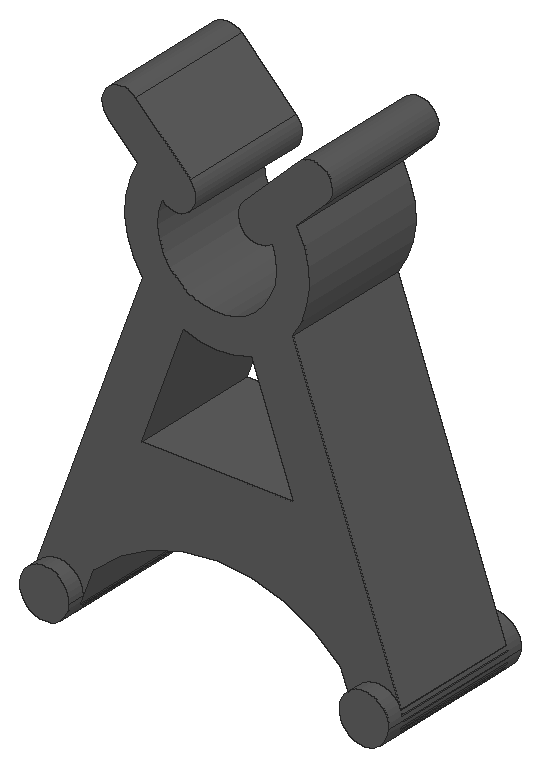
Revit family "101010008208804", category Modelos genéricos, Revit 2018
Family settings
  Puede alojar armadura = No
  Cota de conector redondo = Diámetro de uso
  Tipo de pieza = Normal
  Se basa en plano de trabajo = No
  Siempre vertical = No
  Corte con vacíos al cargar = No
  Compartido = No
  Punto de cálculo de habitación = No
Parameters (values of type "SEPARADORES TIPO TORRE 15 mm")
  Ventajas = "Mantiene la distancia en la altura exigida, mantiene los\r\nespesores de piso o techos de hormigón requerido y son\r\nmás livianas."
  Uso = "Para distanciar una barra o malla, del encofrado o fenólico."
  Unidad = "Bolsa 2000 Un."
  URL = "https://www.empresascnp.cl/"
  Num SKUs = "101010008208804"
  Nombre SKU = "SEPARADOR MOLDAJE TORRE 15MM BOLSA 2.000UN"
  Modelo = "SEPARADORES TIPO TORRE"
  Material = PEAD
  Url Ficha tecnica = "https://empresascnp.cl/wp-content/uploads//pdf/ficha-tecnica-separador-moldaje-torre-15mm-bolsa-2-000un.pdf"
  Espesor = 0.00 mm
  Empresa = "CNP SPA."
  Dureza = ""
  Dimension = 15.00 mm
  Descripción = "Torre de 15, para Fe de 6 a 10mm. Recubrimiento 15mm."
  Contacto = "info@empresascnp.cl"
  Color = "Negro"
  Aplicacion = "Se aplican a modo de clip a presión en forma\r\nhorizontal sobre el encofrado o placa fenólica. (4 Un. x m2\r\nAprox.)"
Reference planes
  plane 1 "Center F/B": y = 0
  plane 2: z = 0
  plane 3 "Center L/R": x = 0
  plane 4: z = 15
Forms (mm)
  Extrusion 1, solid, material "PEAD" <- "Material"
    sketch origin (0, 2, 0) x (1, 0, 0) y (0, 0, 1)
      loop
        line (-2.272, 10.009) -> (-5.549, 1.007)
        arc (-5.549, 1.007) -> (-5.101, 0.045) -> (-4.14, 0.494) r 0.75
        line (-4.14, 0.494) -> (-3.75, 1.564)
        arc (-3.75, 1.564) -> (0, 3.102) -> (3.75, 1.564) r 5.341
        line (3.75, 1.564) -> (4.14, 0.494)
        arc (4.14, 0.494) -> (5.101, 0.045) -> (5.549, 1.007) r 0.75
        line (5.549, 1.007) -> (2.272, 10.009)
        arc (2.272, 10.009) -> (2.797, 11.517) -> (2.412, 13.067) r 2.8
        line (2.412, 13.067) -> (3.321, 13.976)
        arc (3.321, 13.976) -> (3.321, 14.824) -> (2.472, 14.824) r 0.6
        line (2.472, 14.824) -> (0.819, 13.171)
        arc (0.819, 13.171) -> (0.819, 12.323) -> (1.668, 12.323) r 0.6
        arc (1.668, 12.323) -> (0, 9.845) -> (-1.668, 12.323) r 1.8
        arc (-1.668, 12.323) -> (-0.819, 12.323) -> (-0.819, 13.171) r 0.6
        line (-0.819, 13.171) -> (-2.472, 14.824)
        arc (-2.472, 14.824) -> (-3.321, 14.824) -> (-3.321, 13.976) r 0.6
        line (-3.321, 13.976) -> (-2.412, 13.067)
        arc (-2.412, 13.067) -> (-2.797, 11.517) -> (-2.272, 10.009) r 2.8
      loop
        line (-1.029, 9.041) -> (-2.304, 5.536) -> (2.304, 5.536) -> (1.029, 9.041)
        arc (1.029, 9.041) -> (0, 8.845) -> (-1.029, 9.041) r 2.8
    from 0 to 4
  Extrusion 2, solid, material "PEAD" <- "Material"
    sketch origin (0, 2, 0) x (1, 0, 0) y (0, 0, 1)
      loop
        circle (-4.844, 0.75) r 0.75
      loop
        circle (4.844, 0.75) r 0.75
    from -0.5 to 4.5
Dimensions and locks
  "Dimension": plane 4 to level
Automatic sketch dimensions
  Extrusion 1 sketch curve to Extrusion 1 sketch curve = 0.00 mm  (x12)
  Extrusion 1 sketch curve to plane 3 "Center L/R" = 0.00 mm  (x2)
  Extrusion 1 sketch curve to plane 3 "Center L/R" = 0.819 mm
  Extrusion 1 sketch curve to plane 3 "Center L/R" = 1.029 mm
  Extrusion 1 sketch curve to Extrusion 1 sketch curve = 0.424 mm  (x9)
  Extrusion 1 sketch curve to Extrusion 1 sketch curve = 1.244 mm  (x2)
  Extrusion 1 sketch curve to plane 3 "Center L/R" = 2.304 mm
  Extrusion 1 sketch curve to Extrusion 1 sketch curve = 1.169 mm  (x2)
  plane 4 to Extrusion 1 sketch curve = 0.176 mm  (x2)
  Extrusion 1 sketch curve to Extrusion 1 sketch curve = 0.06 mm  (x2)
  plane 4 to Extrusion 1 sketch curve = 1.024 mm  (x2)
  level to Extrusion 1 sketch curve = 1.564 mm  (x2)
  Extrusion 1 sketch curve to plane 3 "Center L/R" = 3.75 mm
  level to Extrusion 1 sketch curve = 0.494 mm  (x2)
  Extrusion 1 sketch curve to Extrusion 1 sketch curve = 0.39 mm  (x2)
  Extrusion 1 sketch curve to Extrusion 1 sketch curve = 0.705 mm  (x4)
  level to Extrusion 1 sketch curve = 1.007 mm  (x2)
  plane 3 "Center L/R" to Extrusion 1 sketch curve = 0.819 mm
  plane 3 "Center L/R" to Extrusion 1 sketch curve = 1.029 mm
  plane 3 "Center L/R" to Extrusion 1 sketch curve = 2.304 mm
  Extrusion 1 sketch curve to level = 2.24 mm
  Extrusion 1 sketch curve to Extrusion 1 sketch curve = 3.972 mm
  Extrusion 1 sketch curve to Extrusion 1 sketch curve = 3.505 mm
  Extrusion 1 sketch curve to Extrusion 1 sketch curve = 0.968 mm  (x2)
  Extrusion 1 sketch curve to Extrusion 1 sketch curve = 1.636 mm
  Extrusion 1 sketch curve to Extrusion 1 sketch curve = 0.32 mm  (x2)
  level to Extrusion 2 sketch curve = 0.75 mm  (x2)
  Extrusion 2 sketch curve to plane 3 "Center L/R" = 4.844 mm
  plane 3 "Center L/R" to Extrusion 2 sketch curve = 4.844 mm
  radius of Extrusion 2 sketch curve = 0.75 mm  (x2)
